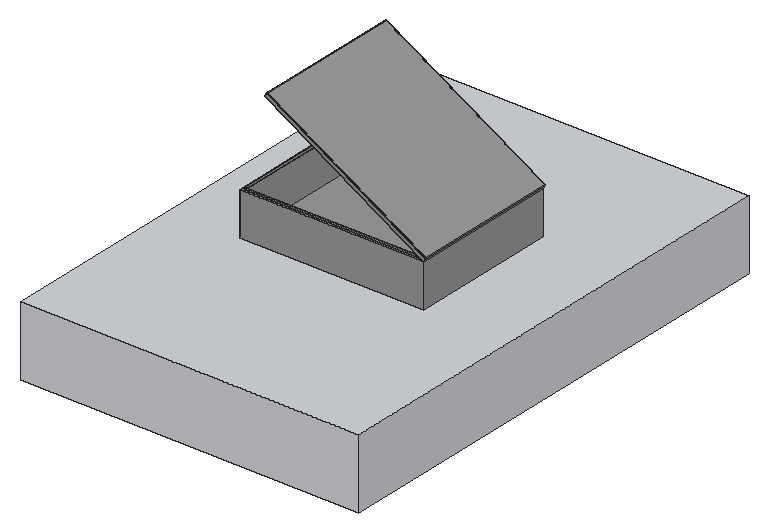
Revit family "Hager-Univers-IP54-D205-H650-Cl.I-Encl-CH-it", category Equipement électrique, Revit 2020
Family settings
  Hôte = Face
  Configuration du panneau = Deux colonnes, circuits au sein
  Cote de connecteur circulaire = Utiliser le diamètre
  Type d'élément = Tableau de raccordement
  Couper avec des vides une fois chargée = Non
  Partagée = Non
  Point de calcul de pièce = Non
Parameters (values of type "A parete IP54 L800 A650 P205  - FP43TW2")
  Width Control [instance] = if([EF000008 - Larghezza] > Min Width, [EF000008 - Larghezza], Min Width)  # 800 mm
  Commentaires du type = [HG000003 - Gamma]  # "Univers"
  Thickness Door [instance] = if([EF009171 - spessore materiale porta/coperchio] > 3 mm, 3 mm, [EF009171 - spessore materiale porta/coperchio])  # 1 mm
  Seal Frame Offset [instance] = 17 mm  # constant formula
  Plinth Visibility [instance] = [HG000027 - Altezza dello zoccolo] > 0 mm  # no
  Model = ""
  Min Width [instance] = 100 mm  # constant formula
  Min Height [instance] = 100 mm  # constant formula
  Min Depth [instance] = (2 * [EF009170 - spessore materiale scatola]) + 1 mm  # 3 mm
  Internal Frame Depth [instance] = (Door System Depth * 0.5)  # 9 mm
  Height Control [instance] = if([EF000040 - Altezza] > Min Height, [EF000040 - Altezza], Min Height)  # 650 mm
  HG000027 - Altezza dello zoccolo = 0 mm
  HG000026 - A pavimento = no
  HG000024 - Altezza della sezione inferiore = 800 mm
  HG000023 - Custodia a doppia sezione = no
  HG000016 - Visibilità delle porte nella vista 3D [instance] = yes
  HG000015 - Visibilità attraverso la porta [instance] = no
  HG000014 - Porta destra [instance] = yes
  HG000013 - Porta sinistra [instance] = not([HG000014 - Porta destra])  # no
  HG000012 - Angolo di apertura della porta [instance] = 30.00°
  HG000010 - Porte asimmetriche = no
  HG000009 - Porta doppia a battente = no
  HG000006 - Ad incasso = no
  HG000004 - Codice produttore = "FP43TW2"
  HG000003 - Gamma = "Univers"
  HG000002 - Con porta = yes
  Frame Offset Bottom [instance] = 10 mm  # constant formula
  Frame Offset [instance] = 15 mm  # constant formula
  EF015940 - Coprire con rilascio di sovrapressione = no
  EF011959 - tipo di protezione (NEMA) = ""
  EF009554 - numero delle aperture per la piastra della flangia = 6
  Fabricant = "Hager"  # constant formula
  EF009212 - esecuzione coperchio = "EV000116 - chiuso"
  EF009171 - spessore materiale porta/coperchio = 1 mm
  EF009170 - spessore materiale scatola = 1 mm
  EF008873 - corrente nominale (In) = 250 A
  EF007800 - adatto per parafulmine = no
  EF006306 - con serratura = no
  EF006244 - coperchio/porta trasparente = no
  EF005474 - grado di protezione (IP) = "EV006419 - IP54"
  EF004464 - tipo di porta = "EV002646 - singolo"
  EF004427 - numero di moduli = 144
  EF004293 - resistenza agli urti = "EV006815 - IK09"
  EF003532 - adatto per uso esterno = no
  EF002950 - Numero moduli DIN = 36
  EF001613 - Integrità del circuito = "EV000494 - senza"
  EF001596 - Attacco Lampada = "EV000179 - acciaio"
  EF001131 - profondità interna = 205 mm
  EF001088 - possibilità di applicazione = yes
  EF000437 - numero di ingressi per conduttori = 6
  EF000339 - tipo di copertura = "EV001012 - coperchio"
  EF000266 - numero di file = 4
  EF000218 - profondità di incasso = 205 mm
  EF000118 - con piastra di montaggio = no
  EF000116 - numero RAL = "9010"
  EF000049 - profondità = 205 mm
  EF000040 - Altezza = 650 mm
  EF000008 - Larghezza = 800 mm
  EF000007 - colore = "EV000202 - bianco"
  EF000003 - Tipo di montaggio = "EV000384 - A parete"
  Door System Leaf Tolerance [instance] = 1.5 mm  # constant formula
  Door System Depth [instance] = 18 mm  # constant formula
  Door Height [instance] = Height Control - [HG000027 - Altezza dello zoccolo]  # 650 mm
  Depth Control [instance] = if([EF000049 - profondità] > Min Depth, [EF000049 - profondità], Min Depth)  # 205 mm
  Default Elevation = 0 mm
  Connector Offset [instance] = Height Control / 2  # 325 mm
  Bottom Top Plate Trim [instance] = 1.5 mm  # constant formula
  Plinth height Ctrl [instance] = if([HG000027 - Altezza dello zoccolo] > 0 mm, [HG000027 - Altezza dello zoccolo], 12 mm)  # 12 mm
Types (5, lengths in mm): name | Width Control | HG000004 - Codice produttore | EF009554 - numero delle aperture per la piastra della flangia | EF004464 - tipo di porta | EF004427 - numero di moduli | EF002950 - Numero moduli DIN | EF000437 - numero di ingressi per conduttori | EF000008 - Larghezza
  A parete IP54 L1050 A650 P205  - FP44TW2 | 1050 | "FP44TW2" | 8 | "EV003602 - doppio" | 192 | 48 | 8 | 1050
  A parete IP54 L1300 A650 P205  - FP45TW2 | 1300 | "FP45TW2" | 10 | "EV003602 - doppio" | 240 | 60 | 10 | 1300
  A parete IP54 L300 A650 P205  - FP41TW2 | 300 | "FP41TW2" | 2 | "EV002646 - singolo" | 48 | 12 | 2 | 300
  A parete IP54 L550 A650 P205  - FP42TW2 | 550 | "FP42TW2" | 4 | "EV002646 - singolo" | 96 | 24 | 4 | 550
  A parete IP54 L800 A650 P205  - FP43TW2 | 800 | "FP43TW2" | 6 | "EV002646 - singolo" | 144 | 36 | 6 | 800
Reference planes
  plane 1 "Center (Front/Back)": y = 0
  plane 2: z = 0
  plane 3 "Center (Left/Right)": x = 0
  plane 4: z = 205
  plane 5: y = 1
  plane 6: y = 325
  plane 7: y = 0
  plane 8: y = 650
  plane 9: z = 0
  plane 10: x = -385
  plane 11: x = 385
  plane 12: x = 384
  plane 13: x = -384
  plane 14: y = 649
  plane 15: x = -383
  plane 16: x = -400
  plane 17: x = 383
  plane 18: x = 400
  plane 19: x = 399
  plane 20: x = -399
  plane 21: y = 11
  plane 22: y = 650
  plane 23: y = 634
  plane 24: z = 187
  plane 25: z = 1
  plane 26: z = 186
  plane 27: z = 204
Forms (mm)
  Extrusion 1, solid
    sketch origin (0, 0, 0) x (1, 0, 0) y (0, 1, 0)
      loop
        line (-702.964, 1305) -> (-702.964, -811.445) -> (766.763, -811.445) -> (766.763, 1305) -> (-702.964, 1305)
    from 0 to -304.8
  Extrusion 2, solid, material "Hager_Steel_RAL7035_Light_Grey", visible <- "Plinth Visibility", detail levels medium+fine
    sketch origin (0, 0, 0) x (1, 0, 0) y (0, 1, 0)
      loop
        line (-400, 0) -> (400, 0) -> (400, 12) -> (-400, 12) -> (-400, 0)
    from 0 to 187
  Extrusion 3, solid, material "Hager_Steel_RAL7035_Light_Grey", detail levels medium+fine
    sketch origin (0, 0, 0) x (1, 0, 0) y (0, 1, 0)
      loop
        line (-400, 0) -> (400, 0) -> (400, 650) -> (-400, 650) -> (-400, 0)
    from 0 to 187
  Extrusion 4, void
    sketch origin (0, 0, 0) x (1, 0, 0) y (0, 1, 0)
      loop
        line (-399, 1) -> (399, 1) -> (399, 649) -> (-399, 649) -> (-399, 1)
    from 1 to 186
  Extrusion 5, void
    sketch origin (-381.607, -4572, 187) x (0, -1, 0) y (-1, 0, 0)
      loop
        line (-4583, 2.393) -> (-5206, 2.393) -> (-5206, -765.607) -> (-4583, -765.607) -> (-4583, 2.393)
    from 0 to 1 <- "EF009170 - spessore materiale scatola"
  Extrusion 6, solid, material "Hager_Steel_RAL7035_Light_Grey", detail levels fine
    sketch origin (0, 0, 187) x (1, 0, 0) y (0, 1, 0)
      loop
        line (-384, 634) -> (-384, 11) -> (384, 11) -> (384, 634) -> (-384, 634)
      loop
        line (-385, 10) -> (385, 10) -> (385, 635) -> (-385, 635) -> (-385, 10)
    from 0 to 9 <- "Internal Frame Depth"
  Extrusion 7, solid, material "Hager_Steel_RAL7035_Light_Grey", detail levels coarse
    sketch origin (0, 0, 0) x (1, 0, 0) y (0, 1, 0)
      loop
        line (-400, 0) -> (400, 0) -> (400, 650) -> (-400, 650) -> (-400, 0)
    from 0 to 205
  Sweep 8, void
    path in 3D
      loop
        line (-400, 12, 0) -> (400, 12, 0) -> (400, 12, 187) -> (-400, 12, 187) -> (-400, 12, 0)
    profile origin (-400, 12, 93.5) x (-1, 0, 0) y (0, -1, 0)
      loop
        line (0, 0) -> (0, 1.5) -> (-1.5, 1.5)
        arc (-1.5, 1.5) -> (-1.061, 0.439) -> (0, 0) r 1.5
Cuts and joins
  Extrusion 4, Extrusion 5 cuts Extrusion 3
  Sweep 8 cuts Extrusion 2
Lines and regions (mm)
  Masking region 1
    outline origin (0, 0, 0) x (1, 0, 0) y (0, 0, 1)
      loop
        line (-400, 205) -> (-400, 0) -> (400, 0) -> (400, 205) -> (-400, 205)
  Masking region 2, detail levels medium+fine
    outline origin (0, 140, 0) x (0, 1, 0) y (0, 0, 1)
      loop
        line (-140, 0) -> (510, 0) -> (510, 187) -> (-140, 187) -> (-140, 0)
  Masking region 3, not visible, detail levels medium+fine
    outline origin (0, 297.922, 0) x (0, 1, 0) y (0, 0, 1)
      loop
        line (38.578, 0) -> (78.578, 0) -> (78.578, 194)
        arc (78.578, 194) -> (75.649, 201.071) -> (68.578, 204) r 10
        line (68.578, 204) -> (38.578, 204) -> (38.578, 0)
  Masking region 4, detail levels coarse
    outline origin (0, 0, 180) x (0, 1, 0) y (0, 0, 1)
      loop
        line (0, -180) -> (650, -180) -> (650, 25) -> (0, 25) -> (0, -180)
  Masking region 5, visible <- "Plinth Visibility", detail levels medium+fine
    outline origin (0, 52.24, 12.345) x (0, 0, -1) y (0, 1, 0)
      loop
        line (10.845, -40.24) -> (-173.155, -40.24)
        arc (-173.155, -40.24) -> (-173.594, -41.301) -> (-174.655, -41.74) r 1.5
        line (-174.655, -41.74) -> (-174.655, -52.24) -> (12.345, -52.24) -> (12.345, -41.74)
        arc (12.345, -41.74) -> (11.285, -41.301) -> (10.845, -40.24) r 1.5
  Masking region 6, detail levels medium+fine
    outline origin (-381.607, -4572, 187) x (-1, 0, 0) y (0, -1, 0)
      loop
        line (18.393, -5222) -> (18.393, -4572) -> (-781.607, -4572) -> (-781.607, -5222) -> (18.393, -5222)
  Masking region 7, visible <- "Plinth Visibility", detail levels medium+fine
    outline origin (-381.607, -4727, 187) x (-1, 0, 0) y (0, -1, 0)
      loop
        arc (16.893, -4739) -> (17.332, -4737.939) -> (18.393, -4737.5) r 1.5
        line (18.393, -4737.5) -> (18.393, -4727) -> (-781.607, -4727) -> (-781.607, -4737.5)
        arc (-781.607, -4737.5) -> (-780.546, -4737.939) -> (-780.107, -4739) r 1.5
        line (-780.107, -4739) -> (16.893, -4739)
  Masking region 8, detail levels coarse
    outline origin (-442.548, -4669.526, 187) x (-1, 0, 0) y (0, -1, 0)
      loop
        line (-42.548, -5319.526) -> (-42.548, -4669.526) -> (-842.548, -4669.526) -> (-842.548, -5319.526) -> (-42.548, -5319.526)
  sketch lines
    curve 1: line (-400, 12, 187) -> (-400, 12, 0)
    curve 2: line (400, 12, 187) -> (-400, 12, 187)
    curve 3: line (400, 12, 187) -> (400, 12, 0)
    curve 4: line (-400, 12, 0) -> (400, 12, 0)
Dimensions and locks
  "Depth Control": plane 4 to Extrusion 1
  "HG000027 - Altezza dello zoccolo": plane 1 "Center (Front/Back)" to plane 7
  "EF009170 - spessore materiale scatola": plane 5 to plane 7
  locked: connector elem to plane 3 "Center (Left/Right)"
  equal spacing: plane 8, plane 6, plane 7
  locked: connector elem to plane 6
  "EF009170 - spessore materiale scatola": plane 8 to plane 14
  "EF009170 - spessore materiale scatola": plane 10 to plane 13
  "EF009170 - spessore materiale scatola": plane 12 to plane 11
  "Frame Offset": plane 20 to plane 13
  "Frame Offset": plane 12 to plane 19
  "EF009170 - spessore materiale scatola": plane 16 to plane 20
  "EF009170 - spessore materiale scatola": plane 19 to plane 18
  "Seal Frame Offset": plane 16 to plane 15
  "Seal Frame Offset": plane 17 to plane 18
  "Frame Offset Bottom": plane 21 to plane 5
  "Frame Offset": plane 14 to plane 23
  equal spacing: plane 16, plane 3 "Center (Left/Right)", plane 18
  "Width Control": plane 16 to plane 18
  "EF009170 - spessore materiale scatola": plane 4 to plane 27
  "EF009170 - spessore materiale scatola": plane 24 to plane 26
  "EF009170 - spessore materiale scatola": plane 25 to level
  "Door System Depth": plane 4 to plane 24
  "Height Control": plane 1 "Center (Front/Back)" to Extrusion 7 sketch curve
  "Height Control": Masking region 4 sketch curve to plane 1 "Center (Front/Back)"
  "Height Control": plane 1 "Center (Front/Back)" to plane 22
  "Bottom Top Plate Trim": profile plane to Sweep 8 sketch curve
  "Bottom Top Plate Trim": Sweep 8 sketch curve to profile plane
  "Plinth height Ctrl": plane 1 "Center (Front/Back)" to Extrusion 2 sketch curve
  "Plinth height Ctrl": Masking region 5 sketch curve to plane 1 "Center (Front/Back)"
  "Plinth height Ctrl": plane 1 "Center (Front/Back)" to Masking region 7 sketch curve
  "Thickness Door": Extrusion 6 sketch curve to Extrusion 6 sketch curve  (x3)
  "Thickness Door": cut or joined group of Extrusion 3, Extrusion 4, Extrusion 5 to Extrusion 6 sketch curve
  radius of Masking region 3 sketch curve = 10 mm
  "Bottom Top Plate Trim": radius of Masking region 5 sketch curve  (x2)
  "Bottom Top Plate Trim": radius of Sweep 8 sketch curve
  "Bottom Top Plate Trim": radius of Masking region 7 sketch curve  (x2)
  aligned and locked: plane 2 to Extrusion 1
  aligned and locked: level to Extrusion 1
  aligned and locked: level to Masking region 1 sketch curve
  aligned and locked: Masking region 1 sketch curve to plane 18
  aligned and locked: Masking region 1 sketch curve to plane 16
  aligned and locked: plane 7 to Masking region 2 sketch curve
  aligned and locked: level to Masking region 3 sketch curve
  aligned and locked: Masking region 3 sketch curve to plane 27
  aligned and locked: level to Masking region 2 sketch curve
  aligned and locked: plane 1 "Center (Front/Back)" to Extrusion 2 sketch curve
  aligned and locked: Extrusion 3 sketch curve to plane 7
  aligned and locked: plane 16 to Extrusion 3 sketch curve
  aligned and locked: plane 18 to Extrusion 3 sketch curve
  aligned and locked: plane 20 to Extrusion 4 sketch curve
  aligned and locked: plane 19 to Extrusion 4 sketch curve
  aligned and locked: Extrusion 4 sketch curve to plane 5
  aligned and locked: Extrusion 4 to plane 25
  aligned and locked: plane 26 to Extrusion 4
  aligned and locked: plane 24 to Extrusion 3
  aligned and locked: Extrusion 5 sketch curve to plane 21
  aligned and locked: Extrusion 5 sketch curve to plane 13
  aligned and locked: Extrusion 5 sketch curve to plane 12
  aligned and locked: plane 18 to Extrusion 7 sketch curve
  aligned and locked: plane 1 "Center (Front/Back)" to Extrusion 7 sketch curve
  aligned and locked: plane 16 to Extrusion 7 sketch curve
  aligned and locked: plane 4 to Extrusion 7
  aligned and locked: Extrusion 7 to level
  aligned and locked: level to Masking region 4 sketch curve
  aligned and locked: Masking region 4 sketch curve to plane 1 "Center (Front/Back)"
  aligned and locked: Masking region 4 sketch curve to plane 4
  aligned and locked: nested 1 to level
  aligned and locked: nested 1 to plane 16
  aligned and locked: plane 8 to Extrusion 3 sketch curve
  aligned and locked: plane 23 to Extrusion 5 sketch curve
  aligned and locked: plane 14 to Extrusion 4 sketch curve
  aligned and locked: Masking region 2 sketch curve to plane 8
  aligned and locked: level to Masking region 5 sketch curve
  aligned and locked: plane 16 to Extrusion 2 sketch curve
  aligned and locked: plane 18 to Extrusion 2 sketch curve
  aligned and locked: Masking region 5 sketch curve to plane 24
  aligned and locked: Masking region 2 sketch curve to plane 24
  aligned and locked: plane 24 to Extrusion 2
  aligned and locked: profile plane to Sweep 8 sketch curve  (x2)
  aligned and locked: Masking region 6 sketch curve to plane 18
  aligned and locked: Masking region 6 sketch curve to plane 22
  aligned and locked: Masking region 6 sketch curve to plane 16
  aligned and locked: plane 8 to plane 22
  aligned and locked: Masking region 6 sketch curve to plane 7
  aligned and locked: Masking region 7 sketch curve to plane 16
  aligned and locked: Masking region 7 sketch curve to plane 1 "Center (Front/Back)"
  aligned and locked: Masking region 7 sketch curve to plane 18
  aligned and locked: Masking region 8 sketch curve to plane 1 "Center (Front/Back)"
  aligned and locked: Masking region 8 sketch curve to plane 18
  aligned and locked: Masking region 8 sketch curve to plane 22
  aligned and locked: Masking region 8 sketch curve to plane 16
  aligned and locked: nested 2 to plane 7
  aligned and locked: plane 3 "Center (Left/Right)" to nested 2
  aligned and locked: nested 2 to plane 24
  aligned and locked: Extrusion 6 sketch curve to cut or joined group of Extrusion 3, Extrusion 4, Extrusion 5  (x4)
Automatic sketch dimensions
  Extrusion 1 sketch curve to Extrusion 1 sketch curve = 1469.727 mm
  Extrusion 1 sketch curve to Extrusion 1 sketch curve = 2116.445 mm
  Masking region 1 sketch curve to plane 4 = 0 mm
  plane 6 to Masking region 3 sketch curve = 11.5 mm
  Masking region 3 sketch curve to Masking region 3 sketch curve = 30 mm
  Masking region 5 sketch curve to plane 1 "Center (Front/Back)" = 0 mm
Nested families
  nested 1: "Hager_Enclosure_Symbol" at (-400, 0, 0) x (1, 0, 0) z (0, -1, 0), Height <- "Depth Control", Width <- "Width Control", type "Hager_Enclosure_Symbol"
    with Width_Ctrl 800 mm, Width 800 mm, Height_Ctrl 205 mm, Height 205 mm, A_Width_Int 13.453 mm, A_Width 161.438 mm, A_Height_Ctrl 179.375 mm, A_Height 179.375 mm
  nested 2: "EC000058_Univers_Door" at (0, 0, 187) x (1, 0, 0) z (0, 1, 0), Leaf_Tolerance <- "Door System Leaf Tolerance", Angle <- "HG000012 - Angolo di apertura della porta", Door_Depth <- "Door System Depth", Door_Left <- "HG000013 - Porta sinistra", Transparent <- "EF006244 - coperchio/porta trasparente", Assymetrical <- "HG000010 - Porte asimmetriche", Width <- "Width Control", Clearance <- "HG000015 - Visibilità attraverso la porta", Double <- "HG000009 - Porta doppia a battente", 3d_Door <- "HG000016 - Visibilità delle porte nella vista 3D", Lock_Visibility <- "EF006306 - con serratura", Width_Ctrl <- "Width Control", Door_Right <- "HG000014 - Porta destra", Door <- "HG000002 - Con porta", Height <- "Door Height", Thickness <- "Thickness Door", type "EC000058_Univers_Door", detail levels medium+fine
    with min_wh 3 mm, Width_Ctrl 800 mm, Width 800 mm, Transparent no, Thickness 1 mm, Seal_Material Hager_Rubber, Lock_Visibility no, Lock_Material Hager_Plastic_RAL9005_Jet_Black, Leaf_Width 800 mm, Leaf_Tolerance_External_Sides 0 mm, Leaf_Tolerance 1.5 mm, Leaf_Offset 0 mm, Leaf_Height 647 mm, Leaf_2_Width 800 mm, Leaf_2_Offset 400 mm, Leaf_1_Width 800 mm, Leaf_1_Offset 400 mm, Height_Ctrl 650 mm, Height 650 mm, Glass_Material Hager_Glass, Double_Clearance_Ctrl no, Double no, Door_Right_Ctrl yes, Door_Right yes, Door_Material Hager_Steel_RAL7035_Light_Grey, Door_Left_Ctrl no, Door_Left no, Door_Depth 18 mm, Door yes, Clearance_Material Hager_Clearance, Clearance_Depth 800 mm, Clearance_Ctrl no, Clearance no, Assymetrical no, Angle 30.00°, 3d_Door yes
Connectors
  electrical at (0, 325, 0)
    settings: on plane 9, index 1, voltage 0 V, apparent load 0 VA, apparent load phase1 0 VA, apparent load phase2 0 VA, apparent load phase3 0 VA, power factor 1, load classification "Other", number of poles 1, system type 30, power factor state 1, is connector primary yes, connector utility no, sub classification motor no, connector description ""
Definition of nested family "EC000058_Univers_Door"
  Parameters (values of type "EC000058_Univers_Door")
    min_wh [instance] = (2 * Thickness) + 1 mm  # 11 mm
    Width_Ctrl [instance] = 400 mm
    Width [instance] = 500 mm
    Transparent [instance] = yes
    Thickness [instance] = 5 mm
    Seal_Material [instance] = none
    Lock_Visibility [instance] = yes
    Lock_Material [instance] = none
    Leaf_Width [instance] = if((Width_Ctrl - 2 * Leaf_Tolerance_External_Sides) > 0 mm, (Width_Ctrl - 2 * Leaf_Tolerance_External_Sides), min_wh)  # 400 mm
    Leaf_Tolerance_External_Sides [instance] = 0 mm  # constant formula
    Leaf_Tolerance [instance] = 1.5 mm
    Leaf_Offset [instance] = 0 mm  # constant formula
    Leaf_Height [instance] = if((Height_Ctrl - 2 * Leaf_Tolerance) > 0 mm, (Height_Ctrl - 2 * Leaf_Tolerance), min_wh)  # 497 mm
    Leaf_2_Width [instance] = if(and(and(Double, Assymetrical), Door_Left), (Leaf_Width / 3) - (Leaf_Tolerance / 2), if(and(and(Double, Assymetrical), Door_Right), (Leaf_Width / 3) * 2 - (Leaf_Tolerance / 2), if(and(Double, not(Assymetrical)), (Leaf_Width / 2) - Leaf_Tolerance, Leaf_Width)))  # 400 mm
    Leaf_2_Offset [instance] = if(and(Double, Assymetrical), Leaf_2_Width / 2, if(and(Double, not(Assymetrical)), Leaf_Width / 4, Leaf_Width / 2))  # 200 mm
    Leaf_1_Width [instance] = if(and(and(Double, Assymetrical), Door_Right), (Leaf_Width / 3) - (Leaf_Tolerance / 2), if(and(and(Double, Assymetrical), Door_Left), (Width / 3) * 2 - (Leaf_Tolerance / 2), if(and(Double, not(Assymetrical)), (Leaf_Width / 2) - Leaf_Tolerance, Leaf_Width)))  # 400 mm
    Leaf_1_Offset [instance] = if(and(Double, Assymetrical), Leaf_1_Width / 2, if(and(Double, not(Assymetrical)), Leaf_Width / 4, Leaf_Width / 2))  # 200 mm
    Height_Ctrl [instance] = if(Height > min_wh, Height, min_wh)  # 500 mm
    Height [instance] = 500 mm
    Glass_Material [instance] = none
    Double_Clearance_Ctrl [instance] = and(Double, Clearance)  # no
    Double [instance] = no
    Door_Right_Ctrl [instance] = and(or(Door_Right, Double), Door)  # yes
    Door_Right [instance] = yes
    Door_Material [instance] = none
    Door_Left_Ctrl [instance] = and(or(Door_Left, Double), Door)  # no
    Door_Left [instance] = no
    Door_Depth [instance] = 30 mm
    Door [instance] = yes
    Default Elevation = 1219.2 mm
    Clearance_Material [instance] = none
    Clearance_Depth [instance] = if(Leaf_1_Width > Leaf_2_Width, Leaf_1_Width, Leaf_2_Width)  # 400 mm
    Clearance_Ctrl [instance] = and(not(Double), Clearance)  # yes
    Clearance [instance] = yes
    Assymetrical [instance] = yes
    Angle [instance] = 30.00°
    3d_Door [instance] = yes
  Reference planes
    plane 1 "Center (Front/Back)": y = 0
    plane 2 "Bottom": z = 0
    plane 3 "Center (Left/Right)": x = 0
    plane 4: z = 500
    plane 5: x = -200
    plane 6: x = 200
    plane 7: z = 500
    plane 8: x = -200
    plane 9: z = 0
    plane 10: x = 200
    plane 11: y = 0
    plane 12: z = 1.5
    plane 13: x = -600
    plane 14: y = -400
    plane 15: x = 600
    plane 16: x = 0
    plane 17: x = 0
    plane 18: x = -200
    plane 19: x = 200
    plane 20: z = 498.5
  Forms (mm)
    Extrusion 1, solid, material <- "Clearance_Material", visible <- "Double_Clearance_Ctrl"
      sketch origin (1200, 0, 0) x (1, 0, 0) y (0, 0, -1)
        loop
          line (-1800, -498.5) -> (-600, -498.5) -> (-600, 0) -> (-1800, 0) -> (-1800, -498.5)
      from 0 to -400
  Dimensions and locks
    equal spacing: plane 5, plane 3 "Center (Left/Right)", plane 6
    "Width_Ctrl": plane 5 to plane 6
    "Leaf_Offset": plane 5 to plane 8
    "Leaf_Offset": plane 6 to plane 10
    "Leaf_Offset": plane 9 to level
    "Leaf_Offset": plane 4 to plane 7
    "Height_Ctrl": plane 4 to level
    "Leaf_Tolerance": plane 12 to plane 9
    locked: plane 11 to plane 1 "Center (Front/Back)"
    "Leaf_1_Offset": plane 18 to plane 16
    "Leaf_2_Offset": plane 17 to plane 19
    "Leaf_1_Width": plane 13 to plane 8
    "Leaf_2_Width": plane 10 to plane 15
    "Clearance_Depth": plane 14 to plane 1 "Center (Front/Back)"
    "Leaf_Tolerance_External_Sides": plane 8 to plane 18
    "Leaf_Tolerance_External_Sides": plane 19 to plane 10
    "Leaf_Tolerance": plane 7 to plane 20
    aligned and locked: level to plane 2 "Bottom"
    aligned and locked: nested 1 to plane 16
    aligned and locked: nested 2 to plane 17
    aligned and locked: Extrusion 1 to plane 13
    aligned and locked: plane 15 to Extrusion 1
    aligned and locked: Extrusion 1 to plane 14
    aligned and locked: plane 12 to nested 1
    aligned and locked: nested 2 to plane 12
    aligned and locked: Extrusion 1 to plane 11
    aligned and locked: plane 20 to Extrusion 1
    aligned and locked: nested 2 to plane 11
    aligned and locked: nested 1 to plane 11
  Automatic sketch dimensions
    Extrusion 1 sketch curve to level = 0 mm
    plane 5 to Extrusion 1 sketch curve = 400 mm
    plane 6 to Extrusion 1 sketch curve = 400 mm
    Extrusion 1 sketch curve to plane 4 = 1.5 mm
  Nested families
    nested 1: "EC000058_Univers_Door_Leaf" at (0, 0, 1.5), Width <- "Leaf_1_Width", visible <- "Door_Left_Ctrl", Leaf_Height <- "Leaf_Height", Angle <- "Angle", 3d_Door <- "3d_Door", Transparent <- "Transparent", Clearance Material <- "Clearance_Material", Clearance <- "Clearance_Ctrl", Door_Material <- "Door_Material", Glass_Material <- "Glass_Material", Door_Depth <- "Door_Depth", Lock_Material <- "Lock_Material", Seal_Material <- "Seal_Material", Lock_Visibility <- "Lock_Visibility", Thickness <- "Thickness", type "EC000058_Univers_Door_Leaf"
      with Width 400 mm, Transparent_Glass_Offset 30 mm, Transparent_Ctrl yes, Transparent yes, Thickness 5 mm, Standard no, Seal_Material none, Seal_D2 8 mm, Seal_D1 1 mm, Offset_Internal_Frame 10 mm, Lock_Width 20 mm, Lock_Visibility_3d yes, Lock_Visibility yes, Lock_Thickness_3 3 mm, Lock_Thickness_2 1 mm, Lock_Thickness_1 3 mm, Lock_Radius_Offset_2 16 mm, Lock_Radius_Offset_1 15 mm, Lock_Radius_2 5 mm, Lock_Radius 6 mm, Lock_Offset 5 mm, Lock_Material none, Lock_Height 80 mm, Lock_Cover_Top_Offset_2d 17 mm, Lock_Cover_Height -65 mm, Leaf_Height 497 mm, Internal_Seal_Thickness 8 mm, Internal_Seal_Depth_2 4.5 mm, Internal_Frame_Depth 25 mm, Glass_Thickness -1 mm, Glass_Offset -2 mm, Glass_Material none, Door_Material none, Door_Depth 30 mm, Clearance Material none, Clearance yes, Angle_Ctrl 30.00°, Angle 30.00°, 3d_Door yes
    nested 2: "EC000058_Univers_Door_Leaf" at (0, 0, 1.5) x (-1, 0, 0) z (0, 0, 1), Width <- "Leaf_2_Width", visible <- "Door_Right_Ctrl", Leaf_Height <- "Leaf_Height", Angle <- "Angle", 3d_Door <- "3d_Door", Transparent <- "Transparent", Clearance Material <- "Clearance_Material", Clearance <- "Clearance_Ctrl", Door_Material <- "Door_Material", Glass_Material <- "Glass_Material", Door_Depth <- "Door_Depth", Lock_Material <- "Lock_Material", Seal_Material <- "Seal_Material", Lock_Visibility <- "Lock_Visibility", Thickness <- "Thickness", type "EC000058_Univers_Door_Leaf"
      with Width 400 mm, Transparent_Glass_Offset 30 mm, Transparent_Ctrl yes, Transparent yes, Thickness 5 mm, Standard no, Seal_Material none, Seal_D2 8 mm, Seal_D1 1 mm, Offset_Internal_Frame 10 mm, Lock_Width 20 mm, Lock_Visibility_3d yes, Lock_Visibility yes, Lock_Thickness_3 3 mm, Lock_Thickness_2 1 mm, Lock_Thickness_1 3 mm, Lock_Radius_Offset_2 16 mm, Lock_Radius_Offset_1 15 mm, Lock_Radius_2 5 mm, Lock_Radius 6 mm, Lock_Offset 5 mm, Lock_Material none, Lock_Height 80 mm, Lock_Cover_Top_Offset_2d 17 mm, Lock_Cover_Height -65 mm, Leaf_Height 497 mm, Internal_Seal_Thickness 8 mm, Internal_Seal_Depth_2 4.5 mm, Internal_Frame_Depth 25 mm, Glass_Thickness -1 mm, Glass_Offset -2 mm, Glass_Material none, Door_Material none, Door_Depth 30 mm, Clearance Material none, Clearance yes, Angle_Ctrl 30.00°, Angle 30.00°, 3d_Door yes
  Definition of nested family "EC000058_Univers_Door_Leaf"
    Parameters (values of type "EC000058_Univers_Door_Leaf")
      Width [instance] = 2000 mm
      Transparent_Glass_Offset [instance] = 30 mm
      Transparent_Ctrl [instance] = and(Transparent, [3d_Door])  # yes
      Transparent [instance] = yes
      Thickness [instance] = 5 mm
      Standard [instance] = and(not(Transparent), [3d_Door])  # no
      Seal_Material [instance] = none
      Seal_D2 [instance] = 8 mm  # constant formula
      Seal_D1 [instance] = 1 mm  # constant formula
      Offset_Internal_Frame [instance] = 10 mm  # constant formula
      Lock_Width [instance] = 20 mm  # constant formula
      Lock_Visibility_3d [instance] = and(Lock_Visibility, [3d_Door])  # yes
      Lock_Visibility [instance] = yes
      Lock_Thickness_3 [instance] = 3 mm  # constant formula
      Lock_Thickness_2 [instance] = 1 mm  # constant formula
      Lock_Thickness_1 [instance] = 3 mm  # constant formula
      Lock_Radius_Offset_2 [instance] = Lock_Radius_Offset_1 + 1 mm  # 16 mm
      Lock_Radius_Offset_1 [instance] = 15 mm  # constant formula
      Lock_Radius_2 [instance] = Lock_Radius - 1 mm  # 5 mm
      Lock_Radius [instance] = 6 mm  # constant formula
      Lock_Offset [instance] = 5 mm  # constant formula
      Lock_Material [instance] = none
      Lock_Height [instance] = 80 mm  # constant formula
      Lock_Cover_Top_Offset_2d [instance] = Lock_Radius_Offset_2 + 1 mm  # 17 mm
      Lock_Cover_Height [instance] = -(Lock_Height - Lock_Radius_Offset_1)  # -65 mm
      Leaf_Height [instance] = 2720.336 mm
      Internal_Seal_Thickness [instance] = 8 mm  # constant formula
      Internal_Seal_Depth_2 [instance] = 4.5 mm  # constant formula
      Internal_Frame_Depth [instance] = if(Door_Depth - Thickness > 5 mm, Door_Depth - Thickness, 5 mm)  # 25 mm
      Glass_Thickness [instance] = if(Thickness > 15 mm, Glass_Offset + 10 mm, -1 mm)  # -1 mm
      Glass_Offset [instance] = if(Thickness > 15 mm, -(Thickness + 10 mm) / 2, -2 mm)  # -2 mm
      Glass_Material [instance] = none
      Door_Material [instance] = none
      Door_Depth [instance] = 30 mm
      Default Elevation = 0 mm
      Clearance Material [instance] = none
      Clearance [instance] = yes
      Angle_Ctrl [instance] = if(Angle > 180.00°, 180.00°, Angle)  # 90.00°
      Angle [instance] = 90.00°
      3d_Door [instance] = yes
    Reference planes
      plane 1 "Center (Front/Back)": y = 0
      plane 2: z = 0
      plane 3 "Center (Left/Right)": x = 0
      plane 4: y = 2000
      plane 5: x = -1000
      plane 6: x = 1000
      plane 7: x = -3000
      plane 8: z = 2720.336
      plane 9: z = 30
      plane 10: z = 2690.336
      plane 11: x = 970
      plane 12: x = -970
      plane 13: y = -3
      plane 14: z = 107.833
      plane 15: y = -5
      plane 16: y = -223.314
      plane 17: x = -1000
      plane 18: z = 1360.168
      plane 19: y = 30
    Forms (mm)
      Extrusion 1, solid, material <- "Clearance Material", visible <- "Clearance"
        sketch origin (0, 0, 0) x (1, 0, 0) y (0, 0, 1)
          loop
            line (-3000, 2720.336) -> (-3000, 0) -> (1000, 0) -> (1000, 2720.336) -> (-3000, 2720.336)
        from 0 to -2000
      Extrusion 2, solid, material <- "Door_Material", visible <- "Standard", detail levels medium+fine
        sketch origin (-1000, 0, 0) x (0, 1, 0) y (-1, 0, 0)
          loop
            line (0, 30) -> (0, 25) -> (2000, 25) -> (2000, 30) -> (0, 30)
        from 0 to 2720.336 <- "Leaf_Height"
      Extrusion 3, solid, material <- "Door_Material", visible <- "Transparent_Ctrl", detail levels medium+fine
        sketch origin (-1000, 0, 0) x (0, 1, 0) y (-1, 0, 0)
          loop
            line (0, 25) -> (2000, 25) -> (2000, 30) -> (0, 30) -> (0, 25)
        from 0 to 2720.336 <- "Leaf_Height"
      Extrusion 4, void
        sketch origin (-1025, 2000, 0) x (0, 1, 0) y (0, 0, -1)
          loop
            line (-30, -2690.336) -> (-30, -30) -> (-1970, -30) -> (-1970, -2690.336) -> (-30, -2690.336)
        from 0 to 5 <- "Thickness"
      Sweep 5, solid, material <- "Seal_Material", visible <- "Transparent_Ctrl", detail levels fine
        path in 3D
          loop
            line (-1025, 30, 30) -> (-1025, 30, 2690.336) -> (-1025, 1970, 2690.336) -> (-1025, 1970, 30) -> (-1025, 30, 30)
        profile origin (-1025, 1000, 30) x (1, 0, 0) y (0, 0, 1)
          loop
            line (0, 0) -> (0, -8) -> (1, -8) -> (1, 0) -> (0, 0)
      Extrusion 6, solid, material <- "Glass_Material", visible <- "Transparent_Ctrl", detail levels medium+fine
        sketch origin (-1030, 0, 0) x (0, 1, 0) y (0, 0, -1)
          loop
            line (1970, -2690.336) -> (1970, -30) -> (30, -30) -> (30, -2690.336) -> (1970, -2690.336)
        from -2 <- "Glass_Offset" to -1 <- "Glass_Thickness"
      Extrusion 7, solid, material <- "Door_Material", visible <- "3d_Door", detail levels medium+fine
        sketch origin (-1025, 2000, 0) x (0, -1, 0) y (0, 0, -1)
          loop
            line (0, -2720.336) -> (2000, -2720.336) -> (2000, 0) -> (0, 0) -> (0, -2720.336)
          loop
            line (1995, -5) -> (5, -5) -> (5, -2715.336) -> (1995, -2715.336) -> (1995, -5)
        from 0 to 25 <- "Internal_Frame_Depth"
      Sweep 8, solid, material <- "Seal_Material", visible <- "Transparent_Ctrl", detail levels fine
        path in 3D
          loop
            line (-1025, 0, 0) -> (-1025, 2000, 0) -> (-1025, 2000, 2720.336) -> (-1025, 0, 2720.336) -> (-1025, 0, 0)
        profile origin (-1025, 0, 1360.168) x (1, 0, 0) y (0, 1, 0)
          loop
            line (0, 10) -> (2.975, 10)
            arc (2.975, 10) -> (4.053, 10.447) -> (4.5, 11.525) r 1.525
            line (4.5, 11.525) -> (4.5, 16.527)
            arc (4.5, 16.527) -> (4.069, 17.569) -> (3.027, 18) r 1.473
            line (3.027, 18) -> (0, 18) -> (0, 10)
      Extrusion 9, solid, material <- "Lock_Material", visible <- "Lock_Visibility_3d", detail levels fine
        sketch origin (-1030, 0, 0) x (0, 1, 0) y (0, 0, -1)
          loop
            arc (1993.5, -1400.168) -> (1994.561, -1399.729) -> (1995, -1398.668) r 1.5
            line (1995, -1398.668) -> (1995, -1320.168) -> (1975, -1320.168) -> (1975, -1398.668)
            arc (1975, -1398.668) -> (1975.439, -1399.729) -> (1976.5, -1400.168) r 1.5
            line (1976.5, -1400.168) -> (1993.5, -1400.168)
        from 3 <- "Lock_Thickness_1" to 0
      Blend 10, solid, material <- "Lock_Material", visible <- "Lock_Visibility_3d", detail levels fine
        base sketch origin (-1033, 0, 0) x (0, 1, 0) y (0, 0, -1)
          loop
            line (1975, -1320.168) -> (1975, -1398.668)
            arc (1975, -1398.668) -> (1975.439, -1399.729) -> (1976.5, -1400.168) r 1.5
            line (1976.5, -1400.168) -> (1993.5, -1400.168)
            arc (1993.5, -1400.168) -> (1994.561, -1399.729) -> (1995, -1398.668) r 1.5
            line (1995, -1398.668) -> (1995, -1320.168) -> (1975, -1320.168)
        top sketch origin (-1033, 0, 0) x (0, 1, 0) y (0, 0, -1)
          loop
            line (1976, -1320.168) -> (1976, -1398.668)
            arc (1976, -1398.668) -> (1976.146, -1399.022) -> (1976.5, -1399.168) r 0.5
            line (1976.5, -1399.168) -> (1993.5, -1399.168)
            arc (1993.5, -1399.168) -> (1993.854, -1399.022) -> (1994, -1398.668) r 0.5
            line (1994, -1398.668) -> (1994, -1320.168) -> (1976, -1320.168)
        from 0 to 1 <- "Lock_Thickness_2"
      Blend 11, solid, material <- "Lock_Material", visible <- "Lock_Visibility_3d", detail levels fine
        base sketch origin (-1034, 0, 0) x (0, 1, 0) y (0, 0, -1)
          loop
            line (1978, -1320.168) -> (1978, -1384.168)
            arc (1978, -1384.168) -> (1985, -1391.168) -> (1992, -1384.168) r 7
            line (1992, -1384.168) -> (1992, -1320.168) -> (1978, -1320.168)
        top sketch origin (-1034, 0, 0) x (0, 1, 0) y (0, 0, -1)
          loop
            line (1991, -1320.168) -> (1979, -1320.168) -> (1979, -1383.168)
            arc (1979, -1383.168) -> (1985, -1389.168) -> (1991, -1383.168) r 6
            line (1991, -1383.168) -> (1991, -1320.168)
        from 0 to 3 <- "Lock_Thickness_3"
      Extrusion 12, solid, material <- "Lock_Material", visible <- "Lock_Visibility_3d", detail levels fine
        sketch origin (-1030, 1975, 1320.168) x (1, 0, 0) y (0, -1, 0)
          loop
            line (-7, -19) -> (-7, -1) -> (0, -1) -> (0, 0) -> (-8, 0) -> (-8, -20) -> (0, -20) -> (0, -19) -> (-7, -19)
        from 0 to -65 <- "Lock_Cover_Height"
      Extrusion 13, void
        sketch origin (-1038, 1995, 1320.168) x (-1, 0, 0) y (0, 0, -1)
          loop
            line (-5, -65) -> (0, -65) -> (-5, -60) -> (-5, -65)
        from 0 to 20 <- "Lock_Width"
      Extrusion 14, void
        sketch origin (-1038, 1975, 1320.168) x (0, -1, 0) y (0, 0, -1)
          loop
            circle (-10, -15.995) r 6
          loop
            circle (-10, -15.995) r 5
        from 0 to 2
      Extrusion 15, solid, material <- "Lock_Material", visible <- "Lock_Visibility_3d", detail levels medium
        sketch origin (-1030, 0, 0) x (0, 1, 0) y (0, 0, -1)
          loop
            arc (1993.5, -1400.168) -> (1994.561, -1399.729) -> (1995, -1398.668) r 1.5
            line (1995, -1398.668) -> (1995, -1320.168) -> (1975, -1320.168) -> (1975, -1398.668)
            arc (1975, -1398.668) -> (1975.439, -1399.729) -> (1976.5, -1400.168) r 1.5
            line (1976.5, -1400.168) -> (1993.5, -1400.168)
        from 8 to 0
    Cuts and joins
      Extrusion 4 cuts Extrusion 3
      Extrusion 13, Extrusion 14 cuts Extrusion 9
      Extrusion 14 cuts Blend 11
      Extrusion 13, Extrusion 14 cuts Extrusion 12
      joined: Extrusion 9, Blend 10, Blend 11, Extrusion 12
      Extrusion 14 cuts Extrusion 15
    Lines and regions (mm)
      Masking region 1, visible <- "Lock_Visibility", detail levels fine
        outline origin (0, 0, 0) x (0, 1, 0) y (0, 0, 1)
          loop
            line (30, 1320.168) -> (33, 1320.168) -> (33, 1400.168) -> (30, 1400.168) -> (30, 1320.168)
      Masking region 2, visible <- "Lock_Visibility", detail levels fine
        outline origin (0, 3.143, 0) x (0, 1, 0) y (0, 0, 1)
          loop
            line (29.857, 1354.168) -> (30.857, 1354.168) -> (30.857, 1366.168) -> (29.857, 1366.168) -> (29.857, 1354.168)
      Masking region 3, detail levels medium+fine
        outline origin (0, 0, 0) x (0, 1, 0) y (0, 0, 1)
          loop
            line (0, 0) -> (30, 0) -> (30, 2720.336) -> (0, 2720.336) -> (0, 0)
      Masking region 4, detail levels medium+fine
        outline origin (0, 0, 0) x (1, 0, 0) y (0, 0, 1)
          loop
            line (-1000, 2720.336) -> (-1000, 0) -> (1000, 0) -> (1000, 2720.336) -> (-1000, 2720.336)
      Masking region 5, visible <- "Lock_Visibility", detail levels fine
        outline origin (-47.116, 0, 0) x (1, 0, 0) y (0, 0, 1)
          loop
            arc (1024.616, 1399.168) -> (1023.556, 1398.729) -> (1023.116, 1397.668) r 1.5
            line (1023.116, 1397.668) -> (1023.116, 1320.168) -> (1041.116, 1320.168) -> (1041.116, 1397.668)
            arc (1041.116, 1397.668) -> (1040.677, 1398.729) -> (1039.616, 1399.168) r 1.5
            line (1039.616, 1399.168) -> (1024.616, 1399.168)
      Masking region 6, visible <- "Lock_Visibility", detail levels medium+fine
        outline origin (-25, 0, 0) x (1, 0, 0) y (0, 0, 1)
          loop
            arc (1001.5, 1400.168) -> (1000.439, 1399.729) -> (1000, 1398.668) r 1.5
            line (1000, 1398.668) -> (1000, 1320.168) -> (1020, 1320.168) -> (1020, 1398.668)
            arc (1020, 1398.668) -> (1019.561, 1399.729) -> (1018.5, 1400.168) r 1.5
            line (1018.5, 1400.168) -> (1001.5, 1400.168)
      Masking region 7, visible <- "Lock_Visibility", detail levels fine
        outline origin (-73.735, 0, 0) x (1, 0, 0) y (0, 0, 1)
          loop
            line (1051.735, 1382.168) -> (1065.735, 1382.168) -> (1065.735, 1384.168)
            arc (1065.735, 1384.168) -> (1058.735, 1391.168) -> (1051.735, 1384.168) r 7
            line (1051.735, 1384.168) -> (1051.735, 1382.168)
      Masking region 8, visible <- "Lock_Visibility", detail levels fine
        outline origin (-73.735, 0, 0) x (1, 0, 0) y (0, 0, 1)
          loop
            line (1052.735, 1382.168) -> (1064.735, 1382.168) -> (1064.735, 1383.168)
            arc (1064.735, 1383.168) -> (1058.735, 1389.168) -> (1052.735, 1383.168) r 6
            line (1052.735, 1383.168) -> (1052.735, 1382.168)
      Masking region 9, visible <- "Lock_Visibility", detail levels fine
        outline origin (-25, 0, 0) x (1, 0, 0) y (0, 0, 1)
          loop
            line (1020, 1320.168) -> (1020, 1382.168) -> (1000, 1382.168) -> (1000, 1320.168) -> (1020, 1320.168)
      Masking region 10, detail levels medium+fine
        outline origin (0, 0, 0) x (1, 0, 0) y (0, 0, 1)
          loop
            circle (985, 1335.144) r 6
      Masking region 11, detail levels fine
        outline origin (0, 0, 0) x (1, 0, 0) y (0, 0, 1)
          loop
            circle (985, 1335.144) r 5
      Masking region 12, visible <- "Lock_Visibility", detail levels fine
        outline origin (0, 12.767, 0) x (0, 1, 0) y (0, 0, 1)
          loop
            line (20.233, 1320.168) -> (21.233, 1320.168) -> (21.233, 1399.168) -> (20.233, 1400.168) -> (20.233, 1320.168)
      Masking region 13, visible <- "Lock_Visibility", detail levels fine
        outline origin (0, 13.767, -10) x (0, 1, 0) y (0, 0, 1)
          loop
            line (20.233, 1330.168) -> (23.233, 1330.168) -> (23.233, 1399.168) -> (20.233, 1402.168) -> (20.233, 1330.168)
      Masking region 14, visible <- "Lock_Visibility", detail levels fine
        outline origin (0, 12.767, -10) x (0, 1, 0) y (0, 0, 1)
          loop
            line (20.233, 1330.168) -> (25.233, 1330.168) -> (25.233, 1399.305) -> (20.233, 1394.305) -> (20.233, 1330.168)
      Masking region 15, visible <- "Lock_Visibility", detail levels medium
        outline origin (0, 0, 0) x (0, 1, 0) y (0, 0, 1)
          loop
            line (30, 1320.168) -> (38, 1320.168) -> (38, 1400.168) -> (30, 1400.168) -> (30, 1320.168)
      Masking region 16, visible <- "Lock_Visibility", detail levels fine
        outline origin (-1000, 0, 0) x (0, 1, 0) y (-1, 0, 0)
          loop
            line (1975, 30) -> (1995, 30) -> (1995, 38) -> (1975, 38) -> (1975, 30)
          loop
            line (1979, 37) -> (1976, 37) -> (1976, 34) -> (1978, 34) -> (1979, 37)
          loop
            line (1994, 37) -> (1991, 37) -> (1992, 34) -> (1994, 34) -> (1994, 37)
      Masking region 17, visible <- "Lock_Visibility", detail levels medium
        outline origin (-1000, 0, 0) x (0, 1, 0) y (-1, 0, 0)
          loop
            line (1975, 30) -> (1995, 30) -> (1995, 38) -> (1975, 38) -> (1975, 30)
      symbolic lines
        curve 1: line (1000, 0, 0) -> (-3000, 0, 0)
        curve 2: arc (1000, 0, 0) -> (-1000, 2000, 0) -> (-3000, 0, 0) r 2000
        curve 4: line (-1030, 0, 0) -> (-1030, 2000, 0)
      reference lines
        curve 3: line (-1000, 0, 0) -> (-1000, 2000, 0)
      symbolic lines, detail levels medium+fine
        curve 5: line (-1030, 2000, 0) -> (-1025, 2000, 0)
        curve 7: line (-1025, 0, 0) -> (-1030, 0, 0)
        curve 8: line (-1025, 0, 0) -> (-1000, 0, 0)
        curve 9: line (-1000, 0, 0) -> (-1000, 2000, 0)
        curve 10: line (-1000, 2000, 0) -> (-1025, 2000, 0)
      symbolic lines, detail levels fine
        curve 6: line (-1025, 2000, 0) -> (-1025, 0, 0)
      sketch lines
        curve 11: line (-1025, 0, 2720.336) -> (-1025, 0, 0)
        curve 12: line (-1025, 2000, 0) -> (-1025, 0, 0)
        curve 13: line (-1025, 2000, 2720.336) -> (-1025, 2000, 0)
        curve 14: line (-1025, 0, 2720.336) -> (-1025, 2000, 2720.336)
        curve 15: line (-1025, 1970, 30) -> (-1025, 30, 30)
        curve 16: line (-1025, 30, 30) -> (-1025, 30, 2690.336)
        curve 17: line (-1025, 1970, 2690.336) -> (-1025, 1970, 30)
        curve 18: line (-1025, 30, 2690.336) -> (-1025, 1970, 2690.336)
      symbolic lines, visible <- "Transparent", detail levels medium+fine
        curve 19: line (-970, 0, 2690.336) -> (970, 0, 2690.336)
        curve 20: line (-970, 0, 30) -> (-970, 0, 2690.336)
        curve 21: line (970, 0, 30) -> (-970, 0, 30)
        curve 22: line (970, 0, 2690.336) -> (970, 0, 30)
    Dimensions and locks
      "Width": plane 1 "Center (Front/Back)" to plane 4
      equal spacing: plane 5, plane 3 "Center (Left/Right)", plane 6
      "Width": plane 5 to plane 6
      "Width": plane 7 to plane 5
      "Leaf_Height": plane 8 to level
      "Width": curve 5 to curve 3
      "Width": curve 3 to curve 3
      plane 8 to plane 10 = 30 mm
      plane 9 to level = 30 mm
      plane 12 to plane 5 = 30 mm
      plane 6 to plane 11 = 30 mm
      Extrusion 1 to Extrusion 4 sketch curve = 30 mm
      "Transparent_Glass_Offset": curve 3 to Extrusion 4 sketch curve
      "Transparent_Glass_Offset": Extrusion 4 sketch curve to cut or joined group of Extrusion 3, Extrusion 4  (x2)
      cut or joined group of Extrusion 3, Extrusion 4 to Extrusion 6 sketch curve = 30 mm
      "Transparent_Glass_Offset": cut or joined group of Extrusion 3, Extrusion 4 to Extrusion 4 sketch curve
      "Thickness": curve 6 to curve 4
      "Thickness": Extrusion 7 sketch curve to Extrusion 7 sketch curve  (x4)
      "Door_Depth": curve 4 to curve 3
      "Offset_Internal_Frame": profile plane to Sweep 8 sketch curve
      "Internal_Seal_Thickness": Sweep 8 sketch curve to Sweep 8 sketch curve
      "Internal_Seal_Depth_2": profile plane to Sweep 8 sketch curve
      "Seal_D1": profile plane to Sweep 5 sketch curve
      "Seal_D2": profile plane to Sweep 5 sketch curve
      "Thickness": Extrusion 2 sketch curve to Extrusion 2 sketch curve
      equal spacing: Extrusion 9 sketch curve, plane 18, Extrusion 9 sketch curve  (x2)
      equal spacing: Masking region 1 sketch curve, plane 18, Masking region 1 sketch curve
      "Lock_Height": Masking region 1 sketch curve to Masking region 1 sketch curve
      "Lock_Radius": Masking region 2 sketch curve to plane 18 to Masking region 2 sketch curve
      Masking region 2 sketch curve to Masking region 1 = 1 mm
      "Door_Depth": plane 19 to plane 1 "Center (Front/Back)"
      "Lock_Thickness_1": Masking region 1 sketch curve to plane 19
      "Lock_Width": Extrusion 9 sketch curve to Extrusion 9 sketch curve
      "Lock_Height": Extrusion 9 sketch curve to Extrusion 9 sketch curve
      "Lock_Offset": cut or joined group of Extrusion 3, Extrusion 4 to Extrusion 9 sketch curve
      equal spacing: plane 8, plane 18, level
      "Lock_Radius_Offset_1": Blend 11 sketch curve to Blend 10
      locked: Blend 10 to Blend 11 sketch curve at 2  (x2)
      locked: var sketch to Blend 11 sketch curve at 1  (x2)
      "Lock_Radius_Offset_2": Blend 11 sketch curve to Blend 10
      locked: Extrusion 12 sketch curve to Extrusion 12 sketch curve at 1  (x3)
      Masking region 6 sketch curve to Masking region 6 sketch curve = 80 mm
      "Lock_Height": Masking region 6 sketch curve to Masking region 6 sketch curve
      "Lock_Width": Masking region 6 sketch curve to Masking region 6 sketch curve
      locked: Masking region 6 to Masking region 5 sketch curve at 1  (x3)
      locked: Masking region 5 to Masking region 7 sketch curve at 2  (x2)
      "Lock_Radius_Offset_1": Masking region 5 to Masking region 7 sketch curve
      "Lock_Radius_Offset_2": Masking region 5 to Masking region 8 sketch curve
      locked: Masking region 7 to Masking region 8 sketch curve at 1  (x2)
      "Lock_Cover_Top_Offset_2d": Masking region 5 to Masking region 9 sketch curve
      equal spacing: Masking region 9, Masking region 10 sketch curve, Masking region 9
      equal spacing: Masking region 9, Masking region 11 sketch curve, Masking region 9
      Extrusion 15 sketch curve to Extrusion 15 sketch curve = 80 mm
      "Lock_Width": Extrusion 15 sketch curve to Extrusion 15 sketch curve
      "Lock_Height": Extrusion 15 sketch curve to Extrusion 15 sketch curve
      equal spacing: Extrusion 15 sketch curve, plane 18, Extrusion 15 sketch curve
      "Lock_Thickness_3": Masking region 13 sketch curve to Masking region 13 sketch curve
      "Lock_Height": Masking region 12 sketch curve to Masking region 12 sketch curve
      locked: Masking region 13 sketch curve to Masking region 1 at 8
      locked: Masking region 14 sketch curve to Masking region 13 at 1
      locked: Masking region 14 sketch curve to Masking region 1 at 10.863
      "Lock_Height": Masking region 15 sketch curve to Masking region 15 sketch curve
      "Lock_Offset": Extrusion 15 sketch curve to cut or joined group of Extrusion 3, Extrusion 4
      "Lock_Offset": plane 6 to Masking region 6 sketch curve
      radius of Sweep 8 sketch curve = 1.525 mm
      radius of Sweep 8 sketch curve = 1.473 mm
      radius of Extrusion 9 sketch curve = 1.5 mm  (x2)
      "Lock_Radius": radius of Extrusion 14 sketch curve
      "Lock_Radius_2": radius of Extrusion 14 sketch curve
      "Lock_Radius": radius of Masking region 10 sketch curve
      "Lock_Radius_2": radius of Masking region 11 sketch curve
      radius of Extrusion 15 sketch curve = 1.5 mm  (x2)
      "Angle_Ctrl": angle plane 1 "Center (Front/Back)" to curve 3
      locked: Masking region 12 sketch curve to Masking region 12 sketch curve (angle 45.00°)
      locked: Masking region 13 sketch curve to Masking region 13 sketch curve (angle 45.00°)
      locked: Masking region 14 sketch curve to Masking region 14 sketch curve (angle 45.00°)
      aligned and locked: level to plane 2
      aligned and locked: Extrusion 1 to curve 1
      aligned and locked: plane 6 to Extrusion 1
      aligned and locked: Extrusion 1 to plane 1 "Center (Front/Back)"
      aligned and locked: plane 4 to Extrusion 1
      aligned and locked: plane 8 to Extrusion 1
      aligned and locked: curve 7 to Extrusion 2 sketch curve
      aligned and locked: curve 5 to Extrusion 2 sketch curve
      aligned and locked: curve 7 to Extrusion 3 sketch curve
      aligned and locked: Extrusion 3 sketch curve to curve 4
      aligned and locked: Extrusion 3 sketch curve to curve 6
      aligned and locked: Extrusion 3 sketch curve to curve 5
      aligned and locked: curve 9 to curve 3
      aligned and locked: Extrusion 7 sketch curve to cut or joined group of Extrusion 3, Extrusion 4  (x4)
      aligned and locked: plane 17 to curve 3
      aligned and locked: plane 1 "Center (Front/Back)" to curve 3
      aligned and locked: plane 17 to plane 5
      aligned and locked: Sweep 8 sketch curve to profile plane
      aligned and locked: Sweep 5 sketch curve to profile plane  (x2)
      aligned and locked: Masking region 1 to Masking region 2 sketch curve
      aligned and locked: plane 19 to Masking region 1 sketch curve
      aligned and locked: plane 1 "Center (Front/Back)" to Masking region 3 sketch curve
      aligned and locked: plane 19 to Masking region 3 sketch curve
      aligned and locked: level to Masking region 3 sketch curve
      aligned and locked: Masking region 3 sketch curve to plane 8
      aligned and locked: plane 17 to Masking region 4 sketch curve
      aligned and locked: level to Masking region 4 sketch curve
      aligned and locked: Masking region 4 sketch curve to plane 8
      aligned and locked: plane 12 to curve 20
      aligned and locked: plane 10 to curve 19
      aligned and locked: plane 11 to curve 22
      aligned and locked: curve 21 to plane 9
      aligned and locked: Extrusion 2 sketch curve to cut or joined group of Extrusion 3, Extrusion 4
      aligned and locked: Blend 10 sketch curve to Extrusion 9  (x4)
      aligned and locked: Extrusion 9 to Blend 10 sketch curve
      aligned and locked: Blend 10 to Blend 11 sketch curve
      aligned and locked: Extrusion 12 sketch curve to Blend 11
      aligned and locked: Extrusion 12 sketch curve to Extrusion 9  (x4)
      aligned and locked: Masking region 5 sketch curve to Masking region 6
      aligned and locked: Masking region 9 sketch curve to Masking region 6  (x3)
      aligned and locked: Masking region 12 sketch curve to Masking region 1
      aligned and locked: Masking region 13 sketch curve to Masking region 1
      aligned and locked: Masking region 12 to Masking region 14
      aligned and locked: Masking region 14 sketch curve to Masking region 1
      aligned and locked: Masking region 15 sketch curve to Masking region 14
      aligned and locked: Masking region 13 sketch curve to Masking region 12
      aligned and locked: Masking region 16 sketch curve to cut or joined group of Extrusion 14, Extrusion 15  (x4)
      aligned and locked: Masking region 16 sketch curve to cut or joined group of Extrusion 9, Blend 10, Blend 11, Extrusion 12, Extrusion 13, Extrusion 14  (x6)
      aligned and locked: cut or joined group of Extrusion 9, Blend 10, Blend 11, Extrusion 12, Extrusion 13, Extrusion 14 to Masking region 16 sketch curve
      aligned and locked: Masking region 17 sketch curve to cut or joined group of Extrusion 14, Extrusion 15  (x3)
      aligned and locked: Masking region 17 sketch curve to cut or joined group of Extrusion 9, Blend 10, Blend 11, Extrusion 12, Extrusion 13, Extrusion 14
      aligned and locked: Masking region 9 to Masking region 8 sketch curve
      aligned and locked: Masking region 9 to Masking region 7 sketch curve
    Automatic sketch dimensions
      plane 1 "Center (Front/Back)" to curve 2 = 0 mm
      curve 2 to plane 5 = 0 mm
      Extrusion 1 sketch curve to level = 0 mm
      Extrusion 1 sketch curve to plane 7 = 0 mm
      Extrusion 1 sketch curve to plane 6 = 0 mm
      Extrusion 1 sketch curve to plane 8 = 0 mm
      Extrusion 3 to Extrusion 6 sketch curve = 30 mm  (x4)
      Masking region 4 sketch curve to plane 6 = 0 mm
      Blend 10 sketch curve to Extrusion 9 = 1.5 mm
      Blend 10 sketch curve to Extrusion 9 = 1 mm
      Extrusion 13 sketch curve to Extrusion 12 = 0 mm  (x2)
      Extrusion 12 to Extrusion 13 sketch curve = 3 mm
      Extrusion 13 sketch curve to Extrusion 12 = 5 mm
      Extrusion 14 sketch curve to Extrusion 14 sketch curve = 0 mm  (x2)
      Extrusion 14 sketch curve to Extrusion 12 = 10 mm
      Extrusion 14 sketch curve to Extrusion 12 = 15.995 mm
      Masking region 5 sketch curve to Masking region 5 sketch curve = 1.5 mm  (x2)
      Masking region 10 sketch curve to plane 18 = 25.024 mm
      Masking region 11 sketch curve to plane 18 = 25.024 mm
      plane 19 to Masking region 14 sketch curve = 3 mm
      Masking region 16 sketch curve to Masking region 16 sketch curve = 3 mm
      curve 4 to curve 3 = 0 mm
      Blend 10 to Blend 11 sketch curve = 0 mm
      Masking region 6 sketch curve to Masking region 6 sketch curve = 1.5 mm  (x2)
      Masking region 6 sketch curve to plane 18 = 40 mm
      plane 19 to Masking region 12 sketch curve = 3 mm
      Masking region 12 sketch curve to Masking region 12 sketch curve = 1 mm
      Masking region 15 sketch curve to plane 19 = 0 mm
      Masking region 15 sketch curve to plane 18 = 40 mm
      radius of Blend 10 sketch curve to Extrusion 9 = 1 mm
Definition of nested family "Hager_Enclosure_Symbol"
  Parameters (values of type "Hager_Enclosure_Symbol")
    Width_Ctrl [instance] = if(Width > 1 mm, Width, 1 mm)  # 102.27 mm
    Width [instance] = 102.27 mm
    Height_Ctrl [instance] = if(Height > 1 mm, Height, 1 mm)  # 66.5 mm
    A_Width_Int [instance] = if(A_Width / 12 > 2 mm, A_Width / 12, 2 mm)  # 4.364 mm
    A_Width [instance] = if(A_Height_Ctrl * 0.9 > 2 mm, A_Height_Ctrl * 0.9, 2 mm)  # 52.369 mm
    A_Height_Ctrl [instance] = if(A_Height > 2 mm, A_Height, 2 mm)  # 58.188 mm
    Height [instance] = 66.5 mm
    A_Height [instance] = Height - (Height / 8)  # 58.188 mm
  Reference planes
    plane 1 "Centre (avant/arrière)": y = 0
    plane 2: z = 0
    plane 3 "Centre (gauche/droite)": x = 0
    plane 4: x = 52.369
    plane 5: y = 33.042
    plane 6: y = 41.77
    plane 7: y = 66.5
    plane 8: x = 26.184
    plane 9: y = 37.406
    plane 10: x = 102.27
    plane 11: y = 66.5
    plane 12: y = 8.313
  Lines and regions (mm)
    Filled region 1, type "Solid_Black", in view "Niveau de réf."
      outline origin (0, 0, 0) x (1, 0, 0) y (0, 1, 0)
        loop
          line (52.369, 66.5) -> (33.188, 54.536) -> (45.365, 45.006) -> (52.369, 66.5)
    Filled region 2, type "Solid_Black", in view "Niveau de réf."
      outline origin (0, 0, 0) x (1, 0, 0) y (0, 1, 0)
        loop
          line (0, 0) -> (102.27, 0) -> (102.27, 66.5) -> (0, 0)
    detail lines, in view "Niveau de réf."
      curve 1: line (0, 8.313, 0) -> (26.184, 41.77, 0)
      curve 2: line (26.184, 41.77, 0) -> (26.184, 33.042, 0)
      curve 3: line (26.184, 33.042, 0) -> (52.369, 66.5, 0)
  Dimensions and locks
    "A_Width": plane 3 "Centre (gauche/droite)" to plane 4
    equal spacing: plane 3 "Centre (gauche/droite)", plane 8, plane 4
    equal spacing: plane 6, plane 9, plane 5
    equal spacing: curve 3, Filled region 1 sketch curve, Filled region 1 sketch curve
    "Height_Ctrl": plane 1 "Centre (avant/arrière)" to plane 11
    "A_Height_Ctrl": plane 11 to plane 12
    equal spacing: plane 11, plane 9, plane 12
    "A_Width_Int": plane 6 to plane 9
    "Width_Ctrl": plane 3 "Centre (gauche/droite)" to plane 10
    angle Filled region 1 sketch curve to curve 3 = 20.00°
    angle curve 3 to Filled region 1 sketch curve = 20.00°
    locked: curve 3 to Filled region 1 sketch curve (angle 90.00°)
    aligned and locked: plane 10 to Filled region 2
    aligned and locked: plane 11 to Filled region 2 sketch curve
    aligned and locked: plane 10 to Filled region 2 sketch curve
    aligned and locked: plane 3 "Centre (gauche/droite)" to curve 1
    aligned and locked: plane 12 to curve 1
    aligned and locked: plane 7 to plane 11
  Automatic sketch dimensions
    Filled region 1 sketch curve to plane 4 = 0 mm
    Filled region 1 sketch curve to plane 7 = 0 mm
    plane 1 "Centre (avant/arrière)" to Filled region 2 sketch curve = 0 mm
    Filled region 2 sketch curve to plane 3 "Centre (gauche/droite)" = 0 mm
    curve 2 to plane 6 = 0 mm
    curve 2 to plane 8 = 0 mm
    curve 3 to plane 4 = 0 mm
    curve 2 to plane 5 = 0 mm
    curve 3 to plane 7 = 0 mm
